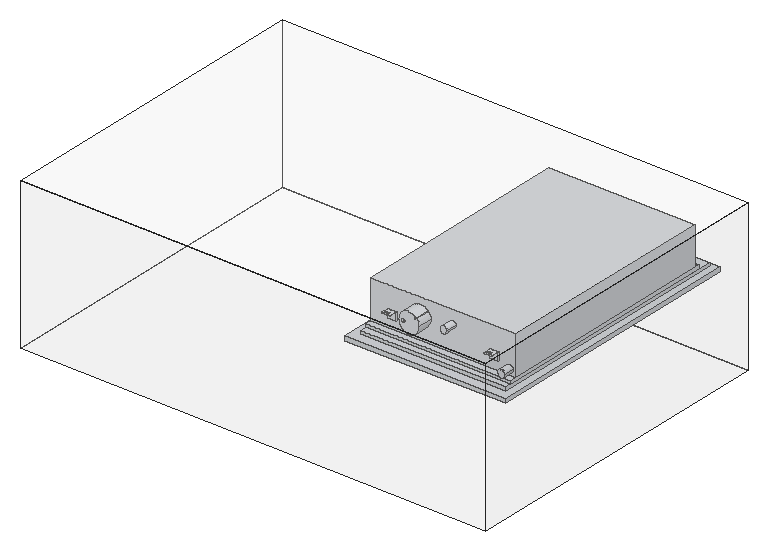
Revit family "pmfy-p36_80fmg7_60Hz", category 機械設備, Revit 2019
Family settings
  丸型コネクタ寸法 = 直径を使用
  パーツ タイプ = 標準
  OmniClass 番号 = 23.75.10.24.21.27.27
  OmniClass タイトル = Split System Air Conditioning Units
  作業面ベース = いいえ
  常に垂直 = はい
  ロード時にボイドで切り取り = いいえ
  共有 = いいえ
  部屋計算ポイント = はい
Parameters (values of type "天井1方向_PMFY-P36FMG7")
  風量（静）（m3／min） = 11
  風量（強）（m3／min） = 14
  風量（弱）（m3／min） = 12
  風量（中）（m3／min） = 13
  風量 = MAX風量  # 840.0 m³/h
  音響パワーレベル（弱）(dB) = 47
  音響パワーレベル（中2）(dB) = 49
  音響パワーレベル（中1）(dB) = 51
  音響パワーレベル(dB) = 53
  電源種別 = ""
  電源_H = 60 mm
  電圧_電気ヒーター = 0 V
  電圧 = 200 V
  電動機出力_送風機 = 0.09 kW
  運転質量 = 0.00 kg
  連動 = ""
  質量 = if(製品質量 > 運転質量, 製品質量, 運転質量) * 1.2  # 39.00 kg
  負荷分類 = 3_ファン類
  構成品番 = "PMFY-RP36FMG"
  ドレン管径 (外径) = 32 mm
  ドレン管径 = 25 mm
  サービススペース = yes
  URL = "https://www.mitsubishielectric.co.jp/ldg/wink/ssl/displayProduct.do?pid=305434"
  説明 = "店舗・事務所用パッケージエアコン(Mr.SLIM) [本体]1方向天井カセット形"
  設計暖房能力 = 0.00 kW
  設計冷房能力_顕熱 = 0 kW
  設計冷房能力 = 0 kW
  設置方法 = "カセット形"
  記号 = ""
  製造元 = "三菱電機株式会社"
  製品質量 = 32.50 kg
  製品出荷対象 = "国内"
  製品リリース年月 = "2021/5/10"
  製品グループ = ""
  系統 = ""
  符号 = "PAC-CK1"
  積算_科目 = "1 空気調和設備"
  積算_拾い区分 [instance] = ""
  相 = 1
  盤記号 = ""
  発停方法 = "付属スイッチ"
  特殊仕様 = ""
  火災停止 = ""
  消費電力_電気ヒーター = 0.00 kW
  消費電力_暖房 = 0.06 kW
  消費電力_加湿器 = 0.00 kW
  消費電力_冷房 = 0.07 kW
  消費電力 = if(消費電力_冷房 > 消費電力_暖房, 消費電力_冷房, 消費電力_暖房) + 消費電力_加湿器 + 消費電力_電気ヒーター  # 0.07 kW
  法定耐用年数 = "6"
  極数 = 1
  材質 = ""
  本体マテリアル = none
  有効加湿量 = 0
  暖房能力 = 4.00 kW
  推奨ブレーカー容量 = 0 A
  形式_加湿器 = ""
  形式 = "1方向天井カセット形"
  幹線記号 = ""
  始動方式 = "直入"
  呼称 = "パッケージ形空気調和機_室内機"
  周波数 = 60 Hz
  吊り位置Y = 1173 mm
  吊り位置X = 510 mm
  吊りボルト_H = 117 mm
  台数_手元リモコン = ""
  台数_冷媒分岐ユニット = ""
  参照している仕様書等のバージョン = "公共建築工事標準仕様書（機械設備工事編）平成31年度版"
  加湿給水管径 = 0 mm
  分類コード = "50053003123030"
  分類グループ = ""
  冷房能力 = 3.6 kW
  冷媒高低圧ガス管径 = 0 mm
  冷媒管径符号 = "Ac"
  冷媒管径 = 100 mm
  冷媒液管高さ = 171 mm
  冷媒液管長さ = 72 mm
  冷媒液管径 = 6.4 mm
  冷媒ガス管高さ = 141 mm
  冷媒ガス管長さ = 72 mm
  冷媒ガス管径 = 12.7 mm
  企業コード = "108420"
  付属品_フィルター = ""
  付属品 = ""
  仕様書バージョン = "Version1.0"
  Model = ""
  パネルマテリアル = none
  ドレン管高さ = 159 mm
  コメント [instance] = ""
  ケーブル種類 = ""
  ケーブルサイズ = 0 mm
  Width = 724 mm
  Version = ""
  Uniclass2015Version = "Systems v1.9"
  Uniclass2015Title = "Split coil remote air cooled condensing units"
  Uniclass2015Code = "Pr_70_65_03_84"
  SpecificationReference = ""
  SpecificationDescription = ""
  S_H = 230 mm
  Revision = ""
  ProductInformation = ""
  Panel Width = 800 mm
  Panel Height = 20 mm
  Panel Depth = 1340 mm
  OmniClassCode = "23-33 17 13 11"
  MIN風量 = 風量（静）（m3／min） * 60.0 m³/h  # 660.0 m³/h
  MID風量2 = 風量（弱）（m3／min） * 60.0 m³/h  # 720.0 m³/h
  MID風量 = 風量（中）（m3／min） * 60.0 m³/h  # 780.0 m³/h
  MAX風量 = 風量（強）（m3／min） * 60.0 m³/h  # 840.0 m³/h
  IfcTypeProduct = ""
  IfcProduct = ""
  IfcExportType = "AIRCONDITIONINGUNIT"
  IfcExportAs = "IfcUnitaryEquipmentType"
  Height = 225 mm
  Depth = 1112 mm
  価格 = 0
  Clearance Top = 230 mm
  Clearance Right = 20 mm
  Clearance Left = 1500 mm
  Clearance Front = 150 mm
  Clearance Bottom = 500 mm
  Clearance Back = 150 mm
  Author = "三菱電機株式会社"
Types (5, lengths in mm): name | 風量（静）（m3／min） | 風量（強）（m3／min） | 風量（弱）（m3／min） | 風量（中）（m3／min） | 風量 | 音響パワーレベル（弱）(dB) | 音響パワーレベル（中2）(dB) | 音響パワーレベル（中1）(dB) | 音響パワーレベル(dB) | 電源_H | 電動機出力_送風機 | 質量 | 構成品番 | URL | 製品質量 | 消費電力_暖房 | 消費電力_冷房 | 消費電力 | 暖房能力 | 冷房能力 | 冷媒管径符号 | 冷媒液管径 | 冷媒ガス管径 | MIN風量 | MID風量2 | MID風量 | MAX風量
  天井1方向_PMFY-P36FMG7 | 11 | 14 | 12 | 13 | 840.0 m³/h | 47 | 49 | 51 | 53 | 60 | 0.09 kW | 39.00 kg | "PMFY-RP36FMG" | "https://www.mitsubishielectric.co.jp/ldg/wink/ssl/displayProduct.do?pid=305434" | 32.50 kg | 0.06 kW | 0.07 kW | 0.07 kW | 4.00 kW | 3.6 kW | "Ac" | 6.4 | 12.7 | 660.0 m³/h | 720.0 m³/h | 780.0 m³/h | 840.0 m³/h
  天井1方向_PMFY-P45FMG7 | 11 | 15 | 12 | 14 | 900.0 m³/h | 47 | 50 | 52 | 54 | 60 | 0.09 kW | 39.00 kg | "PMFY-P45FMG" | "https://www.mitsubishielectric.co.jp/ldg/wink/ssl/displayProduct.do?pid=305435" | 32.50 kg | 0.06 kW | 0.07 kW | 0.07 kW | 5.00 kW | 4.5 kW | "Ac" | 6.4 | 12.7 | 660.0 m³/h | 720.0 m³/h | 840.0 m³/h | 900.0 m³/h
  天井1方向_PMFY-P56FMG7 | 11 | 16 | 12 | 14 | 960.0 m³/h | 48 | 50 | 52 | 55 | 60 | 0.09 kW | 39.00 kg | "PMFY-P56FMG" | "https://www.mitsubishielectric.co.jp/ldg/wink/ssl/displayProduct.do?pid=305436" | 32.50 kg | 0.07 kW | 0.08 kW | 0.08 kW | 6.30 kW | 5.6 kW | "Ac" | 6.4 | 12.7 | 660.0 m³/h | 720.0 m³/h | 840.0 m³/h | 960.0 m³/h
  天井1方向_PMFY-P71FMG7 | 14 | 19 | 16 | 17 | 1140.0 m³/h | 51 | 53 | 54 | 56 | 60 | 0.095 kW | 40.20 kg | "PMFY-P71FMG" | "https://www.mitsubishielectric.co.jp/ldg/wink/ssl/displayProduct.do?pid=305437" | 33.50 kg | 0.09 kW | 0.10 kW | 0.10 kW | 8.00 kW | 7.1 kW | "Bd" | 9.5 | 15.9 | 840.0 m³/h | 960.0 m³/h | 1020.0 m³/h | 1140.0 m³/h
  天井1方向_PMFY-P80FMG7 | 14 | 20 | 16 | 18 | 1200.0 m³/h | 51 | 53 | 55 | 58 | 0 | 0.095 kW | 40.20 kg | "PMFY-P80FMG" | "https://www.mitsubishielectric.co.jp/ldg/wink/ssl/displayProduct.do?pid=305438" | 33.50 kg | 0.09 kW | 0.10 kW | 0.10 kW | 9.00 kW | 8 kW | "Bd" | 9.5 | 15.9 | 840.0 m³/h | 960.0 m³/h | 1080.0 m³/h | 1200.0 m³/h
Reference planes
  plane 1 "中心(正面/背面)": y = 0
  plane 2: z = 0
  plane 3 "中心(左/右)": x = 0
  plane 4: x = -400
  plane 5: x = 400
  plane 6: y = 670
  plane 7: y = -670
  plane 8: z = 225
  plane 9: z = 230
  plane 10: x = -255
  plane 11: x = 255
  plane 12: y = 586.5
  plane 13: y = -586.5
  plane 14: y = 556
  plane 15: y = -556
  plane 16: x = -362
  plane 17: x = 362
  plane 18: x = -1900
  plane 19: x = 420
  plane 20: y = 820
  plane 21: y = -820
  plane 22: z = 230
  plane 23: z = -20
  plane 24: z = -520
Dimensions and locks
  equal spacing: plane 4, plane 3 "中心(左/右)", plane 5
  plane 4 to plane 5 = 800 mm
  equal spacing: plane 7, plane 1 "中心(正面/背面)", plane 6
  plane 4 to plane 10 = 145 mm
  plane 11 to plane 5 = 145 mm
  "S_H": plane 9 to level
  "吊り位置X": plane 10 to plane 11
  equal spacing: plane 10, plane 3 "中心(左/右)", plane 11
  equal spacing: plane 13, plane 1 "中心(正面/背面)", plane 12
  "吊り位置Y": plane 13 to plane 12
  equal spacing: plane 15, plane 1 "中心(正面/背面)", plane 14
  "Depth": plane 15 to plane 14
  equal spacing: plane 16, plane 3 "中心(左/右)", plane 17
  "Width": plane 16 to plane 17
  "Clearance Left": plane 18 to plane 4
  "Clearance Right": plane 5 to plane 19
  "Clearance Back": plane 6 to plane 20
  "Clearance Front": plane 21 to plane 7
  locked: level to plane 23 at 20
  "Clearance Bottom": plane 23 to plane 24
  "Clearance Top": plane 22 to level
  plane 12 to plane 6 = 83.5 mm
  plane 7 to plane 13 = 83.5 mm
  plane 7 to plane 6 = 1340 mm
  "Height": plane 8 to level
  nested 3 to plane 2 = 117 mm
  aligned and locked: level to plane 2
  aligned and locked: plane 10 to nested 2
  aligned and locked: plane 11 to nested 2
  aligned and locked: nested 2 to plane 12
  aligned and locked: plane 13 to nested 2
  aligned and locked: plane 18 to nested 1
  aligned and locked: plane 19 to nested 1
  aligned and locked: nested 1 to plane 21
  aligned and locked: nested 1 to plane 20
  aligned and locked: plane 22 to nested 1
  aligned and locked: plane 24 to nested 1
  aligned and locked: plane 1 "中心(正面/背面)" to nested 3
  aligned and locked: nested 3 to plane 3 "中心(左/右)"
Nested families
  nested 1: "サービススペース" at (-740, 0, -145), visible <- "サービススペース", type "サービススペース"
    with Width 2320 mm, Height 750 mm, Depth 1640 mm
  nested 2: "固定点" at (-255, -586.5, 0), type "固定点"
    with W 510 mm, D 1173 mm
  nested 3: "PM-RP○○FA17" at (0, 0, 0) x (0, -1, 0) z (0, 0, 1), type "PM-RP○○FA17"
    with ユニット表示 yes, 冷媒液管径-Z 171 mm, 冷媒ガス管径-Z 141 mm, ドレン配管サイズ 32 mm
Connectors
  piping at (47, -613, 159), diameter 25, driven by "ドレン管径"
    settings: on nested 3, index 1, connector inside diameter 609.6 mm, connector length 0 mm, flow factor 0, pipe flow 0.0 L/s, pressure drop 0.0 Pa, fitting loss kfactor 0, connector angle 0.00°, fixture units 0, engagement length 0 mm, angle of deflection 0.00°, flow configuration 1, flow direction 2, fitting loss method 4, system type 16, joint type 0, gender type 0, connector reference index -1, connector utility 0, adjustable connector no, is connector primary yes, connector description ""
  piping at (-113, -628, 141), diameter 100, driven by "冷媒管径", driven by "冷媒管径符号"
    settings: on nested 3, index 2, connector inside diameter 609.6 mm, connector length 0 mm, flow factor 0, pipe flow 0.0 L/s, pressure drop 0.0 Pa, fitting loss kfactor 0, connector angle 0.00°, fixture units 0, engagement length 0 mm, angle of deflection 0.00°, flow configuration 1, flow direction 1, fitting loss method 4, system type 7, joint type 0, gender type 0, connector reference index -1, connector utility 0, adjustable connector no, is connector primary no, connector description "Ac"
  electrical at (330, -606, 60), driven by "極数", driven by "負荷分類", driven by "電圧", driven by "消費電力"
    settings: on nested 3, index 3, voltage 200 V, apparent load 70 VA, apparent load phase1 0 VA, apparent load phase2 0 VA, apparent load phase3 0 VA, power factor 1, load classification "3_ファン類", number of poles 1, system type 30, power factor state 1, is connector primary yes, connector utility no, sub classification motor no, connector description ""
Definition of nested family "サービススペース"
  Parameters (values of type "サービススペース")
    Width [instance] = 500 mm
    Height [instance] = 500 mm
    Depth [instance] = 500 mm
  Reference planes
    plane 1 "中心(正面/背面)": y = 0
    plane 2: z = 0
    plane 3 "中心(左/右)": x = 0
    plane 4: y = -250
    plane 5: x = 250
    plane 6: y = 250
    plane 7: x = -250
    plane 8: z = 250
    plane 9: z = -250
  Forms (mm)
    Extrusion 1, solid
      sketch origin (-638.939, 0, 72.39) x (1, 0, 0) y (0, 1, 0)
        loop
          line (388.939, 250) -> (388.939, -250) -> (888.939, -250) -> (888.939, 250) -> (388.939, 250)
      from -322.39 to 177.61
  Lines and regions (mm)
    symbolic lines
      curve 1: line (-250, 0, 250) -> (250, 0, 250)
      curve 2: line (-250, 0, -250) -> (-250, 0, 250)
      curve 3: line (250, 0, -250) -> (-250, 0, -250)
      curve 4: line (250, 0, 250) -> (250, 0, -250)
      curve 5: line (0, -250, 250) -> (0, 250, 250)
      curve 6: line (0, -250, -250) -> (0, -250, 250)
      curve 7: line (0, 250, -250) -> (0, -250, -250)
      curve 8: line (0, 250, 250) -> (0, 250, -250)
      curve 9: line (-250, 250, 0) -> (250, 250, 0)
      curve 10: line (-250, -250, 0) -> (-250, 250, 0)
      curve 11: line (250, -250, 0) -> (-250, -250, 0)
      curve 12: line (250, 250, 0) -> (250, -250, 0)
  Dimensions and locks
    equal spacing: plane 7, plane 3 "中心(左/右)", plane 5
    equal spacing: plane 4, plane 1 "中心(正面/背面)", plane 6
    "Depth": plane 4 to plane 6
    "Width": plane 7 to plane 5
    equal spacing: plane 8, plane 2, plane 9
    "Height": plane 8 to plane 9
    aligned and locked: plane 9 to curve 3
    aligned and locked: plane 7 to curve 2
    aligned and locked: curve 4 to plane 5
    aligned and locked: plane 5 to Extrusion 1
    aligned and locked: Extrusion 1 to plane 7
    aligned and locked: Extrusion 1 to plane 9
    aligned and locked: plane 8 to Extrusion 1
    aligned and locked: plane 9 to curve 7
  Automatic sketch dimensions
    plane 4 to Extrusion 1 sketch curve = 0 mm
    Extrusion 1 sketch curve to plane 7 = 0 mm
    Extrusion 1 sketch curve to plane 5 = 0 mm
    plane 6 to Extrusion 1 sketch curve = 0 mm
    curve 2 to plane 8 = 0 mm
    plane 4 to curve 11 = 0 mm
    curve 11 to plane 7 = 0 mm
    curve 11 to plane 5 = 0 mm
    plane 6 to curve 10 = 0 mm
    curve 7 to plane 4 = 0 mm
    curve 7 to plane 6 = 0 mm
    curve 6 to plane 8 = 0 mm
Definition of nested family "PM-RP○○FA17"
  Parameters (values of type "PM-RP○○FA17")
    配線取出口サイズ = 36 mm
    配線取出口-Z = 60 mm
    配線取出口-Y = 32 mm
    配線取出口-X = 50 mm
    液配管サイズ = 6.4 mm
    冷媒ガス管径-Z2 = 141 mm
    冷媒ガス管径-Z1 = 171 mm
    A = 幅さ + 228 mm  # 1340 mm
    高さ = 225 mm
    奥行き = 724 mm
    吊りボルト_H = 117 mm
    冷媒配管 = 100 mm
    冷媒液管径-Z = 156 mm
    冷媒液管径-Y = 445 mm
    冷媒液管径-X = 72 mm
    冷媒ガス管径-Z = 156 mm
    冷媒ガス管径-Y = 505 mm
    冷媒ガス管径-X = 72 mm
    ユニット表示 [instance] = yes
    ボルトピッチ = 510 mm
    ドレン配管サイズ = 25 mm
    ドレン管径-Z = 159 mm
    ドレン管径-Y = 315 mm
    ドレン管径-X = 57 mm
    ガス配管サイズ = 12.7 mm
    D = 幅さ + 61 mm  # 1173 mm
    幅さ = 1112 mm
    B = 幅さ + 188 mm  # 1300 mm
  Reference planes
    plane 1 "中心(正面/背面)": y = 0
    plane 2: z = 0
    plane 3 "中心(左/右)": x = 0
    plane 4: x = -670
    plane 5: x = 670
    plane 6: y = 400
    plane 7: y = -400
    plane 8: z = 225
    plane 9: z = -20
    plane 10: x = -556
    plane 11: x = 556
    plane 12: y = 362
    plane 13: y = -362
    plane 14: z = 16
    plane 15: x = -650
    plane 16: x = 650
    plane 17: x = 586.5
    plane 18: x = -586.5
    plane 19: z = 32
    plane 20: x = 620
    plane 21: y = 255
    plane 22: y = -255
    plane 23: x = 628
    plane 24: y = -143
    plane 25: z = 156
    plane 26: x = 628
    plane 27: y = -83
    plane 28: x = 613
    plane 29: y = 47
    plane 30: z = 159
    plane 31: x = 606
    plane 32: y = 330
    plane 33: z = 60
    plane 34: z = 117
    plane 35: z = 115
    plane 36: z = 75
    plane 37: y = 275
    plane 38: y = 235
    plane 39: y = -235
    plane 40: y = -275
    plane 41: y = 260
    plane 42: y = 250
    plane 43: y = -250
    plane 44: y = -260
    plane 45: x = -596
    plane 46: x = 596
    plane 47: x = -558
    plane 48: x = 558
    plane 49: z = 141
    plane 50: z = 171
  Forms (mm)
    Extrusion 1, solid, visible <- "ユニット表示", detail levels fine
      sketch origin (0, 0, 0) x (1, 0, 0) y (0, 1, 0)
        loop
          line (-556, 362) -> (-556, -362) -> (556, -362) -> (556, 362) -> (-556, 362)
      from 32 to 225
    Extrusion 2, solid, visible <- "ユニット表示", detail levels fine
      sketch origin (-1437.329, -1524, 16) x (-1, 0, 0) y (0, -1, 0)
        loop
          line (-850.829, -1886) -> (-850.829, -1162) -> (-2023.829, -1162) -> (-2023.829, -1886) -> (-850.829, -1886)
      from 0 to 16
    Extrusion 3, solid, visible <- "ユニット表示", detail levels fine
      sketch origin (-1437.329, -1524, 16) x (-1, 0, 0) y (0, -1, 0)
        loop
          line (-787.329, -1886) -> (-787.329, -1162) -> (-2057.329, -1162) -> (-2057.329, -1886) -> (-787.329, -1886)
      from 0 to -16
    Extrusion 4, solid, visible <- "ユニット表示", detail levels fine
      sketch origin (556, 1296.25, 1200) x (0, 1, 0) y (0, 0, 1)
        loop
          circle (-1439.25, -1059) r 6.35
      from 0 to 72
    Extrusion 5, solid, visible <- "ユニット表示", detail levels fine
      sketch origin (556, 1296.25, 1200) x (0, 1, 0) y (0, 0, 1)
        loop
          circle (-1379.25, -1029) r 3.2
      from 0 to 72
    Extrusion 6, solid, visible <- "ユニット表示", detail levels fine
      sketch origin (556, 1296.25, 1200) x (0, 1, 0) y (0, 0, 1)
        loop
          circle (-1249.25, -1041) r 12.5
      from 0 to 57
    Extrusion 7, solid, visible <- "ユニット表示", detail levels fine
      sketch origin (556, 1296.25, 1200) x (0, 1, 0) y (0, 0, 1)
        loop
          circle (-966.25, -1140) r 18
      from 0 to 50
    Extrusion 8, solid, visible <- "ユニット表示", detail levels fine
      sketch origin (556, 1306.25, 1200) x (0, 1, 0) y (0, 0, 1)
        loop
          circle (-1419.25, -1044) r 50
      from 0 to 72
    Extrusion 9, solid, visible <- "ユニット表示"
      sketch origin (0, 0, 0) x (1, 0, 0) y (0, 1, 0)
        loop
          line (-670, 400) -> (-670, -400) -> (670, -400) -> (670, 400) -> (-670, 400)
      from 0 to -20
    Extrusion 10, solid, visible <- "ユニット表示", detail levels fine
      sketch origin (0, 0, 0) x (1, 0, 0) y (0, 1, 0)
        loop
          line (-581.5, 260) -> (-581.5, 250)
          arc (-581.5, 250) -> (-586.5, 245) -> (-591.5, 250) r 5
          line (-591.5, 250) -> (-596, 250) -> (-596, 235) -> (-556, 235) -> (-556, 275) -> (-596, 275) -> (-596, 260) -> (-591.5, 260)
          arc (-591.5, 260) -> (-586.5, 265) -> (-581.5, 260) r 5
        loop
          arc (581.5, 260) -> (586.5, 265) -> (591.5, 260) r 5
          line (591.5, 260) -> (596, 260) -> (596, 275) -> (556, 275) -> (556, 235) -> (596, 235) -> (596, 250) -> (591.5, 250)
          arc (591.5, 250) -> (586.5, 245) -> (581.5, 250) r 5
          line (581.5, 250) -> (581.5, 260)
        loop
          line (581.5, -260) -> (581.5, -250)
          arc (581.5, -250) -> (586.5, -245) -> (591.5, -250) r 5
          line (591.5, -250) -> (596, -250) -> (596, -235) -> (556, -235) -> (556, -275) -> (596, -275) -> (596, -260) -> (591.5, -260)
          arc (591.5, -260) -> (586.5, -265) -> (581.5, -260) r 5
        loop
          arc (-581.5, -260) -> (-586.5, -265) -> (-591.5, -260) r 5
          line (-591.5, -260) -> (-596, -260) -> (-596, -275) -> (-556, -275) -> (-556, -235) -> (-596, -235) -> (-596, -250) -> (-591.5, -250)
          arc (-591.5, -250) -> (-586.5, -245) -> (-581.5, -250) r 5
          line (-581.5, -250) -> (-581.5, -260)
      from 115 to 117
    Extrusion 11, solid, visible <- "ユニット表示", detail levels fine
      sketch origin (0, 0, 0) x (1, 0, 0) y (0, 1, 0)
        loop
          line (-558, 275) -> (-558, 235) -> (-556, 235) -> (-556, 275) -> (-558, 275)
        loop
          line (556, 275) -> (556, 235) -> (558, 235) -> (558, 275) -> (556, 275)
        loop
          line (556, -235) -> (556, -275) -> (558, -275) -> (558, -235) -> (556, -235)
        loop
          line (-558, -235) -> (-558, -275) -> (-556, -275) -> (-556, -235) -> (-558, -235)
      from 75 to 115
  Dimensions and locks
    equal spacing: plane 7, plane 1 "中心(正面/背面)", plane 6
    plane 7 to plane 6 = 800 mm
    equal spacing: plane 4, plane 3 "中心(左/右)", plane 5
    "A": plane 4 to plane 5
    locked: level to plane 9 at 20
    equal spacing: plane 13, plane 1 "中心(正面/背面)", plane 12
    "奥行き": plane 13 to plane 12
    equal spacing: plane 10, plane 3 "中心(左/右)", plane 11
    "幅さ": plane 10 to plane 11
    locked: plane 14 to level at 16
    equal spacing: plane 15, plane 3 "中心(左/右)", plane 16
    "B": plane 15 to plane 16
    equal spacing: plane 18, plane 3 "中心(左/右)", plane 17
    "D": plane 18 to plane 17
    equal spacing: plane 22, plane 1 "中心(正面/背面)", plane 21
    "ボルトピッチ": plane 22 to plane 21
    "冷媒ガス管径-X": plane 11 to plane 23
    "冷媒ガス管径-Y": plane 24 to plane 12
    "冷媒液管径-X": plane 11 to plane 26
    "冷媒液管径-Y": plane 27 to plane 12
    "ドレン管径-X": plane 11 to plane 28
    "ドレン管径-Y": plane 29 to plane 12
    "配線取出口-X": plane 11 to plane 31
    "配線取出口-Y": plane 32 to plane 12
    "配線取出口-Z": plane 33 to level
    "ドレン管径-Z": plane 30 to level
    "冷媒ガス管径-Z": plane 25 to level
    locked: plane 35 to plane 36 at 40
    locked: plane 34 to plane 35 at 2
    "吊りボルト_H": plane 34 to level
    plane 40 to plane 22 to plane 39 = 20 mm locked, 20 mm locked
    plane 38 to plane 21 to plane 37 = 20 mm locked, 20 mm locked
    plane 44 to plane 22 to plane 43 = 5 mm locked, 5 mm locked
    plane 42 to plane 21 to plane 41 = 5 mm locked, 5 mm locked
    locked: plane 45 to plane 10 at 40
    locked: plane 11 to plane 46 at 40
    locked: plane 11 to plane 48 at 2
    locked: plane 47 to plane 10 at 2
    plane 16 to plane 15 = 1300 mm
    plane 4 to plane 15 = 20 mm
    plane 15 to plane 10 = 94 mm
    plane 11 to plane 16 = 94 mm
    plane 12 to plane 6 = 38 mm
    locked: plane 19 to plane 14 at 16
    "高さ": plane 8 to level
    equal spacing: plane 24, Extrusion 8 sketch curve, plane 27
    plane 7 to plane 13 = 38 mm
    plane 16 to plane 5 = 20 mm
    "冷媒ガス管径-Z2": plane 49 to level
    "冷媒ガス管径-Z1": plane 50 to level
    "ガス配管サイズ": diameter of Extrusion 4 sketch curve
    "液配管サイズ": diameter of Extrusion 5 sketch curve
    "配線取出口サイズ": diameter of Extrusion 7 sketch curve
    "冷媒配管": diameter of Extrusion 8 sketch curve
    "ドレン配管サイズ": diameter of Extrusion 6 sketch curve
    aligned and locked: level to plane 2
    aligned and locked: plane 12 to Extrusion 1 sketch curve
    aligned and locked: plane 10 to Extrusion 1 sketch curve
    aligned and locked: Extrusion 1 sketch curve to plane 13
    aligned and locked: Extrusion 1 sketch curve to plane 11
    aligned and locked: plane 8 to Extrusion 1
    aligned and locked: plane 12 to Extrusion 2 sketch curve
    aligned and locked: plane 18 to Extrusion 2 sketch curve
    aligned and locked: Extrusion 2 sketch curve to plane 13
    aligned and locked: Extrusion 2 sketch curve to plane 17
    aligned and locked: plane 19 to Extrusion 2
    aligned and locked: Extrusion 1 to Extrusion 2
    aligned and locked: plane 12 to Extrusion 3 sketch curve
    aligned and locked: Extrusion 3 sketch curve to plane 13
    aligned and locked: Extrusion 3 sketch curve to plane 20
    aligned and locked: Extrusion 3 to level
    aligned and locked: plane 14 to Extrusion 3
    aligned and locked: plane 24 to Extrusion 4 sketch curve
    aligned and locked: Extrusion 4 to plane 11
    aligned and locked: plane 23 to Extrusion 4
    aligned and locked: plane 27 to Extrusion 5 sketch curve
    aligned and locked: plane 26 to Extrusion 5
    aligned and locked: Extrusion 5 to plane 11
    aligned and locked: plane 30 to Extrusion 6 sketch curve
    aligned and locked: plane 29 to Extrusion 6 sketch curve
    aligned and locked: Extrusion 6 to plane 11
    aligned and locked: plane 28 to Extrusion 6
    aligned and locked: plane 33 to Extrusion 7 sketch curve
    aligned and locked: plane 32 to Extrusion 7 sketch curve
    aligned and locked: Extrusion 7 to plane 11
    aligned and locked: plane 31 to Extrusion 7
    aligned and locked: plane 25 to Extrusion 8 sketch curve
    aligned and locked: Extrusion 8 to plane 11
    aligned and locked: plane 26 to Extrusion 8
    aligned and locked: level to Extrusion 9
    aligned and locked: Extrusion 9 to plane 9
    aligned and locked: Extrusion 10 sketch curve to plane 10
    aligned and locked: plane 34 to Extrusion 10
    aligned and locked: Extrusion 10 to plane 35
    aligned and locked: plane 37 to Extrusion 10 sketch curve
    aligned and locked: plane 45 to Extrusion 10 sketch curve  (x2)
    aligned and locked: Extrusion 10 sketch curve to plane 38
    aligned and locked: Extrusion 10 sketch curve to plane 42
    aligned and locked: Extrusion 10 sketch curve to plane 41
    aligned and locked: plane 41 to Extrusion 10 sketch curve  (x3)
    aligned and locked: plane 42 to Extrusion 10 sketch curve  (x3)
    aligned and locked: plane 18 to Extrusion 10 sketch curve  (x4)
    aligned and locked: plane 10 to Extrusion 10 sketch curve
    aligned and locked: Extrusion 10 sketch curve to plane 39
    aligned and locked: plane 40 to Extrusion 10 sketch curve
    aligned and locked: plane 44 to Extrusion 10 sketch curve  (x3)
    aligned and locked: plane 43 to Extrusion 10 sketch curve  (x3)
    aligned and locked: Extrusion 10 sketch curve to plane 43
    aligned and locked: Extrusion 10 sketch curve to plane 44
    aligned and locked: Extrusion 10 sketch curve to plane 45  (x2)
    aligned and locked: plane 11 to Extrusion 10 sketch curve
    aligned and locked: Extrusion 10 sketch curve to plane 46  (x2)
    aligned and locked: plane 17 to Extrusion 10 sketch curve  (x4)
    aligned and locked: Extrusion 10 sketch curve to plane 40
    aligned and locked: plane 39 to Extrusion 10 sketch curve
    aligned and locked: plane 46 to Extrusion 10 sketch curve  (x2)
    aligned and locked: plane 38 to Extrusion 10 sketch curve
    aligned and locked: Extrusion 10 sketch curve to plane 11
    aligned and locked: Extrusion 10 sketch curve to plane 37
    aligned and locked: plane 37 to Extrusion 11 sketch curve
    aligned and locked: plane 47 to Extrusion 11 sketch curve  (x2)
    aligned and locked: Extrusion 11 sketch curve to Extrusion 10  (x8)
    aligned and locked: Extrusion 11 sketch curve to plane 38
    aligned and locked: Extrusion 11 sketch curve to plane 48  (x2)
    aligned and locked: Extrusion 11 sketch curve to plane 40
    aligned and locked: plane 39 to Extrusion 11 sketch curve
    aligned and locked: Extrusion 11 to Extrusion 10
    aligned and locked: Extrusion 11 to plane 36
    aligned and locked: plane 49 to Extrusion 4 sketch curve
    aligned and locked: plane 50 to Extrusion 5 sketch curve
  Automatic sketch dimensions
    Extrusion 9 sketch curve to plane 4 = 0 mm
    Extrusion 9 sketch curve to plane 5 = 0 mm
    plane 7 to Extrusion 9 sketch curve = 0 mm
    plane 6 to Extrusion 9 sketch curve = 0 mm
    Extrusion 10 sketch curve to plane 18 = 5 mm  (x2)
    Extrusion 10 sketch curve to plane 17 = 5 mm  (x2)
    Extrusion 3 sketch curve to plane 15 = 0 mm
Definition of nested family "固定点"
  Parameters (values of type "固定点")
    中心円 = 20 mm
    W [instance] = 1000 mm
    D [instance] = 1000 mm
  Reference planes
    plane 1 "中心(正面/背面)": y = 0
    plane 2: z = 0
    plane 3 "中心(左/右)": x = 0
    plane 4: x = 1000
    plane 5: y = 1000
  Lines and regions (mm)
    symbolic lines, detail levels fine
      curve 1: circle (0, 1000, 0) r 10 normal (0, 0, 1)
      curve 2: circle (0, 0, 0) r 10 normal (0, 0, 1)
      curve 3: circle (1000, 1000, 0) r 10 normal (0, 0, 1)
      curve 4: circle (1000, 0, 0) r 10 normal (0, 0, 1)
      curve 5: line (-200, 1000, 0) -> (1200, 1000, 0)
      curve 6: line (-200, 0, 0) -> (1200, 0, 0)
      curve 7: line (0, 1200, 0) -> (0, -200, 0)
      curve 8: line (1000, 1200, 0) -> (1000, -200, 0)
  Dimensions and locks
    "W": plane 3 "中心(左/右)" to plane 4
    "D": plane 1 "中心(正面/背面)" to plane 5
    "中心円": diameter of curve 1
    "中心円": diameter of curve 2
    "中心円": diameter of curve 3
    "中心円": diameter of curve 4
    aligned and locked: level to plane 2
    aligned and locked: plane 5 to curve 1
    aligned and locked: plane 3 "中心(左/右)" to curve 1
    aligned and locked: plane 3 "中心(左/右)" to curve 2
    aligned and locked: plane 1 "中心(正面/背面)" to curve 2
    aligned and locked: plane 4 to curve 3
    aligned and locked: plane 5 to curve 3
    aligned and locked: plane 1 "中心(正面/背面)" to curve 4
    aligned and locked: plane 4 to curve 4
    aligned and locked: plane 1 "中心(正面/背面)" to curve 6
    aligned and locked: curve 7 to plane 3 "中心(左/右)"
    aligned and locked: curve 8 to plane 4
  Automatic sketch dimensions
    curve 5 to plane 5 = 0 mm
    curve 6 to plane 3 "中心(左/右)" = 200 mm
    curve 5 to plane 3 "中心(左/右)" = 200 mm
    curve 4 to curve 6 = 200 mm
    curve 3 to curve 5 = 200 mm
    plane 1 "中心(正面/背面)" to curve 8 = 200 mm
    plane 1 "中心(正面/背面)" to curve 7 = 200 mm
    curve 3 to curve 8 = 200 mm
    curve 1 to curve 7 = 200 mm
